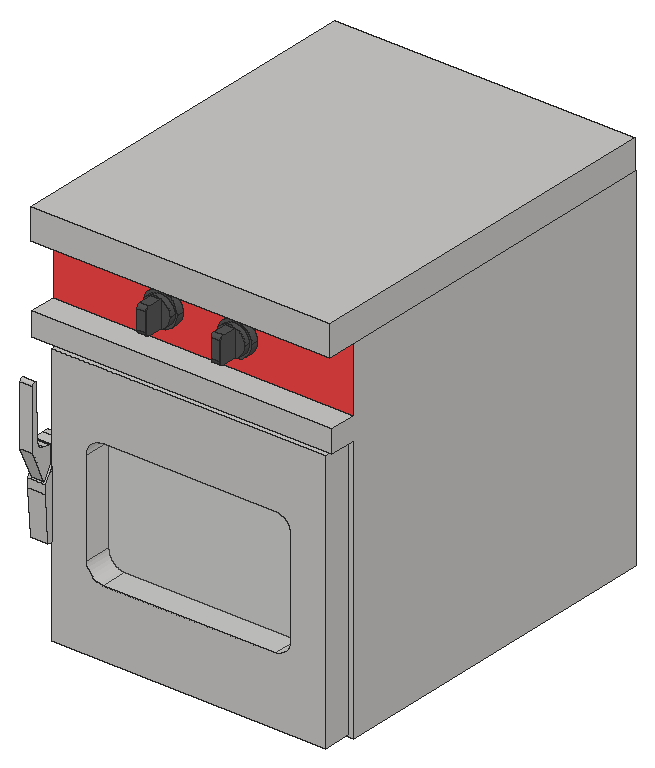
Revit family "ADB Fours 505CT", category Equipement spécialisé, Revit 2022
Family settings
  Cote de connecteur circulaire = Utiliser le diamètre
  Type d'élément = Normal
  Numéro OmniClass = 23.40.40.14.17.11
  Titre OmniClass = Cookers, Ovens, Stoves
  Basée sur le plan de construction = Non
  Toujours verticalement = Oui
  Couper avec des vides une fois chargée = Non
  Conserver l'orientation des annotations = Non
  Partagée = Non
  Repère de localisation dans la pièce = Non
Parameters (values of type "CFE 505 CT")
  URL catalogue = "https://www.ambassade-de-bourgogne.com/fr/produits/fours/Resources/CFE-505-CT_CES-505.pdf"
  URL = "https://www.ambassade-de-bourgogne.com/fr/produits/fours/Resources/CFE-505-CT_CES-505.pdf"
  Type de Raccord Electrique [instance] = "Bornier 40A"  # constant formula
  Type article = ""
  Tension [instance] = 230 V  # constant formula
  Support Four SF 500 [instance] = no
  Spécification du Fabricant = ""
  Sans option [instance] = not(SF500)  # yes
  SF500 [instance] = or(Support Four SF 500, [Echelles ECH 500 + Support Four SF 500])  # no
  Remarques Electricité [instance] = "230V(MONO) commutable 400V(TRI)"  # constant formula
  Puissance électrique [instance] = 2500 W  # constant formula
  Profondeur [instance] = 684 mm  # constant formula
  Encombrement Porte standard [instance] = and(Encombrements, not(Porte inversée))  # yes
  Porte inversée [instance] = no
  Poids net à vide [instance] = 58.00 kg + if(or(Support Four SF 500, [Echelles ECH 500 + Support Four SF 500]), 10.00 kg, 0.00 kg)  # 58.00 kg
  Phase [instance] = 1  # constant formula
  Nombres de Pôles [instance] = Phase  # 1
  Modèle = "CFE 505 CT"
  Longueur [instance] = 500 mm  # constant formula
  Intensité nominale [instance] = Puissance électrique / (Tension * sqrt(Phase))  # 10.8696 A
  Ht Four = 655 mm  # constant formula
  Hauteur [instance] = if(SF500, 1538 mm, 655 mm)  # 655 mm
  Fréquence [instance] = 50 Hz  # constant formula
  Fabricant = "Société Industrielle de Lacanche"  # constant formula
  Encombrements [instance] = yes
  Encombrement Porte inversée [instance] = and(Encombrements, Porte inversée)  # no
  Elévation par défaut = 0 mm
  Echelles ECH 500 + Support Four SF 500 [instance] = no
  Décalage porte [instance] = if(Porte inversée, 10 mm, 33.5 mm)  # 33.5 mm
  Décalage poignée [instance] = if(Porte inversée, Longueur, 35.5 mm)  # 35.5 mm
  Description = "Four électrique à convection forcée 5 niveaux au pas de 60mm"
  Connecteurs [instance] = yes
  Type Comments = ""
Reference planes
  plane 1 "Centre (avant/arrière)": y = 0
  plane 2: z = 0
  plane 3 "Centre (gauche/droite)": x = 0
  plane 4: z = 655
  plane 5 "gauche": x = -250
  plane 6 "droite": x = 250
  plane 7 "avant": y = -342
  plane 8 "arrière": y = 342
  plane 9 "Bas Four": z = 0
  plane 10 "poignée": x = -214.5
  plane 11: z = 15.8
  plane 12 "Elec X": x = 100
  plane 13 "ElecZ": z = 490
Forms (mm)
  Revolve 1, solid, material "ADB_Plastic-Black", visible <- "SF500", detail levels medium+fine
    sketch origin (0, 273.5, 0) x (1, 0, 0) y (0, 0, 1)
      loop
        line (-221, 0) -> (-221, 15) -> (-226, 15) -> (-226, 11.5) -> (-228, 11.5) -> (-228, 8) -> (-229.5, 8) -> (-236.5, 2.5) -> (-236.5, 0) -> (-221, 0)
      axis (-221, 15) -> (-221, 0)
    angle from 0 to 360
  Revolve 2, solid, material "ADB_Plastic-Black", visible <- "SF500", detail levels medium+fine
    sketch origin (0, -206.5, 0) x (1, 0, 0) y (0, 0, 1)
      loop
        line (-221, 0) -> (-221, 15) -> (-226, 15) -> (-226, 11.5) -> (-228, 11.5) -> (-228, 8) -> (-229.5, 8) -> (-236.5, 2.5) -> (-236.5, 0) -> (-221, 0)
      axis (-221, 15) -> (-221, 0)
    angle from 0 to 360
  Revolve 3, solid, material "ADB_Plastic-Black", visible <- "SF500", detail levels medium+fine
    sketch origin (0, 273.5, 0) x (-1, 0, 0) y (0, 0, -1)
      loop
        line (-221, 0) -> (-236.5, 0) -> (-236.5, -2.5) -> (-229.5, -8) -> (-228, -8) -> (-228, -11.5) -> (-226, -11.5) -> (-226, -15) -> (-221, -15) -> (-221, 0)
      axis (-221, -15) -> (-221, 0)
    angle from 0 to 360
  Revolve 4, solid, material "ADB_Plastic-Black", visible <- "SF500", detail levels medium+fine
    sketch origin (0, -206.5, 0) x (-1, 0, 0) y (0, 0, -1)
      loop
        line (-221, 0) -> (-236.5, 0) -> (-236.5, -2.5) -> (-229.5, -8) -> (-228, -8) -> (-228, -11.5) -> (-226, -11.5) -> (-226, -15) -> (-221, -15) -> (-221, 0)
      axis (-221, -15) -> (-221, 0)
    angle from 0 to 360
  Extrusion 5, solid, material "ADB_Stainless Steel-Polished", visible <- "SF500", detail levels medium+fine
    sketch origin (0, 0, 0) x (1, 0, 0) y (0, 1, 0)
      loop
        line (-201, -226.5) -> (-201, -186.5) -> (-241, -186.5) -> (-241, -226.5) -> (-201, -226.5)
      loop
        line (241, -226.5) -> (241, -186.5) -> (201, -186.5) -> (201, -226.5) -> (241, -226.5)
      loop
        line (241, 253.5) -> (241, 293.5) -> (201, 293.5) -> (201, 253.5) -> (241, 253.5)
      loop
        line (-241, 253.5) -> (-201, 253.5) -> (-201, 293.5) -> (-241, 293.5) -> (-241, 253.5)
    from 15 to 897
  Extrusion 6, solid, material "ADB_Stainless Steel-Polished", visible <- "SF500", detail levels medium+fine
    sketch origin (0, 0, 0) x (1, 0, 0) y (0, 1, 0)
      loop
        line (231.055, -206.59) -> (229.749, 272.214) -> (-231.055, 273.59) -> (-229.749, -205.214) -> (231.055, -206.59)
    from 159.2 to 195.2
  Extrusion 7, solid, material "ADB_Stainless Steel-Polished", visible <- "SF500", detail levels medium+fine
    sketch origin (0, 0, 0) x (1, 0, 0) y (0, 1, 0)
      loop
        line (-231, -206.5) -> (231, -206.5) -> (231, 273.5) -> (-231, 273.5) -> (-231, -206.5)
    from 857 to 897
  Extrusion 8, solid, material "ADB_Stainless Steel-Polished", visible <- "Echelles ECH 500 + Support Four SF 500", detail levels medium+fine
    sketch origin (0, 0, 0) x (1, 0, 0) y (0, 1, 0)
      loop
        line (-201, -146.5) -> (-201, -116.5) -> (-231, -116.5) -> (-231, -118) -> (-202.5, -118) -> (-202.5, -146.5) -> (-201, -146.5)
      loop
        line (-201, 183.5) -> (-201, 213.5) -> (-202.5, 213.5) -> (-202.5, 185) -> (-231, 185) -> (-231, 183.5) -> (-201, 183.5)
      loop
        line (201, -146.5) -> (202.5, -146.5) -> (202.5, -118) -> (231, -118) -> (231, -116.5) -> (201, -116.5) -> (201, -146.5)
      loop
        line (201, 183.5) -> (231, 183.5) -> (231, 185) -> (202.5, 185) -> (202.5, 213.5) -> (201, 213.5) -> (201, 183.5)
    from 195.2 to 857
  Revolve 9, solid, material "ADB_Plastic-Black", visible <- "Sans option", detail levels medium+fine
    sketch origin (208, 0, 0) x (0, 1, 0) y (0, 0, 1)
      loop
        line (-165.85, 14.5) -> (-165.85, 10.5) -> (-168.25, 10.5) -> (-168.25, 7.25) -> (-171.5, 4) -> (-171.5, 0) -> (-156.5, 0) -> (-156.5, 15.8) -> (-160.5, 15.8) -> (-160.5, 14.5) -> (-165.85, 14.5)
      axis (-156.5, 0) -> (-156.5, 15.8)
    angle from 0 to 360
  Revolve 10, solid, material "ADB_Plastic-Black", visible <- "Sans option", detail levels medium+fine
    sketch origin (208, 380, 0) x (0, 1, 0) y (0, 0, 1)
      loop
        line (-165.85, 14.5) -> (-165.85, 10.5) -> (-168.25, 10.5) -> (-168.25, 7.25) -> (-171.5, 4) -> (-171.5, 0) -> (-156.5, 0) -> (-156.5, 15.8) -> (-160.5, 15.8) -> (-160.5, 14.5) -> (-165.85, 14.5)
      axis (-156.5, 0) -> (-156.5, 15.8)
    angle from 0 to 360
  Revolve 11, solid, material "ADB_Plastic-Black", visible <- "Sans option", detail levels medium+fine
    sketch origin (-208, 0, 0) x (0, 1, 0) y (0, 0, -1)
      loop
        line (-165.85, -14.5) -> (-160.5, -14.5) -> (-160.5, -15.8) -> (-156.5, -15.8) -> (-156.5, 0) -> (-171.5, 0) -> (-171.5, -4) -> (-168.25, -7.25) -> (-168.25, -10.5) -> (-165.85, -10.5) -> (-165.85, -14.5)
      axis (-156.5, 0) -> (-156.5, -15.8)
    angle from 0 to 360
  Revolve 12, solid, material "ADB_Plastic-Black", visible <- "Sans option", detail levels medium+fine
    sketch origin (-208, 380, 0) x (0, 1, 0) y (0, 0, -1)
      loop
        line (-165.85, -14.5) -> (-160.5, -14.5) -> (-160.5, -15.8) -> (-156.5, -15.8) -> (-156.5, 0) -> (-171.5, 0) -> (-171.5, -4) -> (-168.25, -7.25) -> (-168.25, -10.5) -> (-165.85, -10.5) -> (-165.85, -14.5)
      axis (-156.5, 0) -> (-156.5, -15.8)
    angle from 0 to 360
  Extrusion 13, solid, material "ADB_Stainless Steel-Polished", detail levels medium+fine
    sketch origin (250, 0, 0) x (0, 1, 0) y (0, 0, 1)
      loop
        line (325, 15.8) -> (325, 605.6) -> (-263, 605.6) -> (-263, 498.3) -> (-308, 498.3) -> (-308, 460.8) -> (-263, 460.8) -> (-263, 15.8) -> (325, 15.8)
    from -499 to 1
  Extrusion 14, solid, material "ADB_Stainless Steel-Polished", detail levels medium+fine
    sketch origin (250, 0, 0) x (0, 1, 0) y (0, 0, 1)
      loop
        line (-310, 655) -> (-310, 604.8) -> (325, 604.8) -> (325, 655) -> (-310, 655)
    from 0 to -500
  Extrusion 15, solid, material "ADB_Stainless Steel-Polished", detail levels fine
    sketch origin (0, 0, 0) x (0, 1, 0) y (0, 0, 1)
      loop
        line (342, 309.303) -> (325, 309.303) -> (325, 113.3) -> (342, 113.3) -> (342, 309.303)
    from -59.5 to 59.5
  Extrusion 16, solid, material "ADB_Stainless Steel-Polished", detail levels fine
    sketch origin (-250, 0, 0) x (0, 1, 0) y (0, 0, 1)
      loop
        line (342, 443.3) -> (325, 443.3) -> (325, 343.3) -> (342, 343.3) -> (342, 443.3)
    from 85.5 to 114.5
  Extrusion 17, solid, material "ADB_Stainless Steel-Polished", detail levels medium+fine
    sketch origin (0, -342, 0) x (-1, 0, 0) y (0, 0, 1)
      loop
        line (216.5, 454.146) -> (-241.5, 454.146) -> (-241.5, 17.3) -> (216.5, 17.3) -> (216.5, 454.146)
      loop
        arc (-156.018, 342.518) -> (-175.251, 334.551) -> (-183.218, 315.318) r 27.2
        line (-183.218, 315.318) -> (-183.218, 157.282)
        arc (-183.218, 157.282) -> (-175.251, 138.049) -> (-156.018, 130.082) r 27.2
        line (-156.018, 130.082) -> (131, 130.082)
        arc (131, 130.082) -> (150.246, 138.054) -> (158.218, 157.3) r 27.218
        line (158.218, 157.3) -> (158.218, 315.3)
        arc (158.218, 315.3) -> (150.246, 334.546) -> (131, 342.518) r 27.218
        line (131, 342.518) -> (-156.018, 342.518)
    from 34 to 79
  Extrusion 18, solid, material "ADB_Glass-Transparent", detail levels medium+fine
    sketch origin (0, -342, 0) x (-1, 0, 0) y (0, 0, 1)
      loop
        arc (-156, 342.518) -> (-175.246, 334.546) -> (-183.218, 315.3) r 27.218
        line (-183.218, 315.3) -> (-183.218, 157.3)
        arc (-183.218, 157.3) -> (-175.246, 138.054) -> (-156, 130.082) r 27.218
        line (-156, 130.082) -> (131, 130.082)
        arc (131, 130.082) -> (150.246, 138.054) -> (158.218, 157.3) r 27.218
        line (158.218, 157.3) -> (158.218, 315.3)
        arc (158.218, 315.3) -> (150.246, 334.546) -> (131, 342.518) r 27.218
        line (131, 342.518) -> (-156, 342.518)
    from 34 to 79
  Extrusion 19, solid, material "ADB_Stainless Steel-Polished", detail levels medium+fine
    sketch origin (-214.5, 0, 0) x (0, 0, 1) y (0, -1, 0)
      loop
        line (240.8, 320) -> (165.8, 315) -> (161.323, 288.986) -> (160.8, 279) -> (311.3, 279) -> (310.777, 288.986) -> (309.609, 306.5) -> (279.609, 306.5) -> (255.8, 320) -> (240.8, 320)
    from -2 to -32
  Extrusion 20, solid, material "ADB_Stainless Steel-Polished", detail levels medium+fine
    sketch origin (-214.5, 0, 0) x (0, 0, 1) y (0, -1, 0)
      loop
        line (323.853, 332.352) -> (414.8, 335.528)
        arc (414.8, 335.528) -> (413.705, 339.699) -> (409.8, 341.528) r 5.083
        line (409.8, 341.528) -> (309.8, 341.528) -> (258.394, 318.529) -> (279.609, 306.5) -> (308.369, 306.5) -> (309.363, 317.862)
        arc (309.363, 317.862) -> (313.607, 328.108) -> (323.853, 332.352) r 14.49
    from -6.5 to -27.5
  Extrusion 21, solid, material "ADB_Network_Electricity_Yellow", visible <- "Connecteurs", detail levels medium+fine
    sketch origin (490.887, 325, 605.6) x (0, 0, -1) y (-1, 0, 0)
      loop
        circle (115.6, 390.887) r 10
    from 0 to 10
  Extrusion 22, solid, detail levels coarse
    sketch origin (0, 0, 0) x (1, 0, 0) y (0, 1, 0)
      loop
        line (-250, 342) -> (-250, -342) -> (250, -342) -> (250, 342) -> (-250, 342)
    from 0 to 655 <- "Hauteur"
Cuts and joins
  joined: Extrusion 5, Extrusion 6, Extrusion 7
Lines and regions (mm)
  symbolic lines, style "SpecialityEquipmentHiddenLines", visible <- "Encombrement Porte standard"
    curve 1: line (241.5, -308, 0) -> (241.5, -766, 0)
    curve 4: arc (241.5, -766, 0) -> (-82.355, -631.855, 0) -> (-216.5, -308, 0) r 458
  symbolic lines, style "SpecialityEquipmentHiddenLines", visible <- "Encombrement Porte inversée"
    curve 2: line (-240, -308, 0) -> (-240, -766, 0)
    curve 3: arc (-240, -766, 0) -> (83.855, -631.855, 0) -> (218, -308, 0) r 458
Dimensions and locks
  "Hauteur": plane 4 to plane 2
  equal spacing: plane 5 "gauche", plane 3 "Centre (gauche/droite)", plane 6 "droite"
  "Longueur": plane 5 "gauche" to plane 6 "droite"
  equal spacing: plane 8 "arrière", plane 1 "Centre (avant/arrière)", plane 7 "avant"
  "Profondeur": plane 8 "arrière" to plane 7 "avant"
  "Ht Four": plane 4 to plane 9 "Bas Four"
  locked: Extrusion 13 to plane 5 "gauche" at 1
  locked: Extrusion 13 sketch curve to plane 9 "Bas Four" at 15.8
  Extrusion 15 sketch curve to Extrusion 15 sketch curve to plane 9 "Bas Four" = 196.003 mm locked, 113.3 mm locked
  plane 9 "Bas Four" to Extrusion 16 sketch curve to Extrusion 16 sketch curve = 343.3 mm locked, 100 mm locked
  "Décalage porte": Extrusion 17 sketch curve to plane 5 "gauche"
  Extrusion 17 sketch curve to Extrusion 17 sketch curve to Extrusion 17 sketch curve to Extrusion 17 sketch curve = 58.282 mm locked, 341.435 mm locked, 58.282 mm locked
  Extrusion 17 sketch curve to Extrusion 17 sketch curve to Extrusion 17 sketch curve to Extrusion 17 sketch curve to plane 9 "Bas Four" = 111.628 mm locked, 212.435 mm locked, 112.782 mm locked, 17.3 mm locked
  "Décalage poignée": plane 10 "poignée" to plane 5 "gauche"
  locked: plane 9 "Bas Four" to plane 11 at 15.8
  locked: plane 6 "droite" to plane 12 "Elec X" at 150
  locked: plane 9 "Bas Four" to plane 13 "ElecZ" at 490
  radius of Extrusion 18 sketch curve = 27.218 mm  (x4)
  radius of Extrusion 17 sketch curve = 27.2 mm  (x2)
  radius of Extrusion 17 sketch curve = 27.218 mm  (x2)
  aligned and locked: level to plane 2
  aligned and locked: Extrusion 14 to plane 5 "gauche"
  aligned and locked: Extrusion 17 to Extrusion 18 sketch curve  (x4)
  aligned and locked: plane 12 "Elec X" to Extrusion 21
  aligned and locked: plane 13 "ElecZ" to Extrusion 21 sketch curve
  aligned and locked: plane 12 "Elec X" to Extrusion 21 sketch curve
  aligned and locked: Extrusion 17 to curve 4
Automatic sketch dimensions
  Revolve 1 sketch curve to level = 0 mm  (x2)
  plane 5 "gauche" to Revolve 1 sketch curve = 13.5 mm
  Revolve 1 sketch curve to Revolve 1 sketch curve = 7 mm
  Revolve 1 sketch curve to Revolve 1 sketch curve = 1.5 mm
  Revolve 1 sketch curve to Revolve 1 sketch curve = 2 mm
  Revolve 1 sketch curve to Revolve 1 sketch curve = 5 mm
  level to Revolve 1 sketch curve = 2.5 mm
  level to Revolve 1 sketch curve = 8 mm
  Revolve 1 sketch curve to Revolve 1 sketch curve = 3.5 mm  (x2)
  Revolve 1 sketch curve to Revolve 1 sketch curve = 0 mm  (x2)
  Revolve 2 sketch curve to level = 0 mm  (x2)
  plane 5 "gauche" to Revolve 2 sketch curve = 13.5 mm
  Revolve 2 sketch curve to Revolve 2 sketch curve = 7 mm
  Revolve 2 sketch curve to Revolve 2 sketch curve = 1.5 mm
  Revolve 2 sketch curve to Revolve 2 sketch curve = 2 mm
  Revolve 2 sketch curve to Revolve 2 sketch curve = 5 mm
  level to Revolve 2 sketch curve = 2.5 mm
  level to Revolve 2 sketch curve = 8 mm
  Revolve 2 sketch curve to Revolve 2 sketch curve = 3.5 mm  (x2)
  Revolve 2 sketch curve to Revolve 2 sketch curve = 0 mm  (x2)
  Revolve 3 sketch curve to level = 0 mm  (x2)
  Revolve 3 sketch curve to plane 6 "droite" = 13.5 mm
  Revolve 3 sketch curve to Revolve 3 sketch curve = 7 mm
  Revolve 3 sketch curve to Revolve 3 sketch curve = 1.5 mm
  Revolve 3 sketch curve to Revolve 3 sketch curve = 2 mm
  Revolve 3 sketch curve to Revolve 3 sketch curve = 5 mm
  level to Revolve 3 sketch curve = 2.5 mm
  level to Revolve 3 sketch curve = 8 mm
  Revolve 3 sketch curve to Revolve 3 sketch curve = 3.5 mm  (x2)
  Revolve 3 sketch curve to Revolve 3 sketch curve = 0 mm  (x2)
  Revolve 4 sketch curve to level = 0 mm  (x2)
  Revolve 4 sketch curve to plane 6 "droite" = 13.5 mm
  Revolve 4 sketch curve to Revolve 4 sketch curve = 7 mm
  Revolve 4 sketch curve to Revolve 4 sketch curve = 1.5 mm
  Revolve 4 sketch curve to Revolve 4 sketch curve = 2 mm
  Revolve 4 sketch curve to Revolve 4 sketch curve = 5 mm
  level to Revolve 4 sketch curve = 2.5 mm
  level to Revolve 4 sketch curve = 8 mm
  Revolve 4 sketch curve to Revolve 4 sketch curve = 3.5 mm  (x2)
  Revolve 4 sketch curve to Revolve 4 sketch curve = 0 mm  (x2)
  plane 5 "gauche" to Extrusion 5 sketch curve = 9 mm  (x2)
  Extrusion 5 sketch curve to Extrusion 5 sketch curve = 40 mm  (x6)
  Extrusion 5 sketch curve to plane 6 "droite" = 49 mm  (x2)
  Extrusion 5 sketch curve to plane 6 "droite" = 9 mm  (x2)
  plane 7 "avant" to Extrusion 5 sketch curve = 115.5 mm  (x2)
  Extrusion 5 sketch curve to plane 8 "arrière" = 88.5 mm  (x2)
  plane 5 "gauche" to Extrusion 6 sketch curve = 18.945 mm
  plane 5 "gauche" to Extrusion 6 sketch curve = 20.251 mm
  Extrusion 6 sketch curve to plane 6 "droite" = 20.251 mm
  Extrusion 6 sketch curve to plane 6 "droite" = 18.945 mm
  plane 7 "avant" to Extrusion 6 sketch curve = 135.41 mm
  plane 7 "avant" to Extrusion 6 sketch curve = 136.786 mm
  Extrusion 6 sketch curve to plane 8 "arrière" = 69.786 mm
  Extrusion 6 sketch curve to plane 8 "arrière" = 68.41 mm
  plane 5 "gauche" to Extrusion 7 sketch curve = 19 mm
  Extrusion 7 sketch curve to plane 6 "droite" = 19 mm
  plane 7 "avant" to Extrusion 7 sketch curve = 135.5 mm
  Extrusion 7 sketch curve to plane 8 "arrière" = 68.5 mm
  plane 5 "gauche" to Extrusion 8 sketch curve = 19 mm  (x2)
  Extrusion 8 sketch curve to Extrusion 8 sketch curve = 28.5 mm  (x6)
  Extrusion 8 sketch curve to Extrusion 8 sketch curve = 1.5 mm  (x8)
  Extrusion 8 sketch curve to plane 6 "droite" = 49 mm  (x2)
  Extrusion 8 sketch curve to plane 6 "droite" = 19 mm  (x2)
  plane 1 "Centre (avant/arrière)" to Extrusion 8 sketch curve = 146.5 mm  (x2)
  Extrusion 8 sketch curve to plane 8 "arrière" = 158.5 mm  (x2)
  Revolve 9 sketch curve to level = 0 mm  (x2)
  plane 7 "avant" to Revolve 9 sketch curve = 170.5 mm
  Revolve 9 sketch curve to Revolve 9 sketch curve = 3.25 mm  (x3)
  Revolve 9 sketch curve to Revolve 9 sketch curve = 2.4 mm
  Revolve 9 sketch curve to Revolve 9 sketch curve = 5.35 mm
  Revolve 9 sketch curve to Revolve 9 sketch curve = 4 mm  (x2)
  level to Revolve 9 sketch curve = 4 mm
  Revolve 9 sketch curve to Revolve 9 sketch curve = 1.3 mm
  Revolve 9 sketch curve to Revolve 9 sketch curve = 0 mm  (x2)
  Revolve 10 sketch curve to level = 0 mm  (x2)
  Revolve 10 sketch curve to plane 8 "arrière" = 133.5 mm
  Revolve 10 sketch curve to Revolve 10 sketch curve = 3.25 mm  (x3)
  Revolve 10 sketch curve to Revolve 10 sketch curve = 2.4 mm
  Revolve 10 sketch curve to Revolve 10 sketch curve = 5.35 mm
  Revolve 10 sketch curve to Revolve 10 sketch curve = 4 mm  (x2)
  level to Revolve 10 sketch curve = 4 mm
  Revolve 10 sketch curve to Revolve 10 sketch curve = 1.3 mm
  Revolve 10 sketch curve to Revolve 10 sketch curve = 0 mm  (x2)
  Revolve 11 sketch curve to level = 0 mm  (x2)
  plane 7 "avant" to Revolve 11 sketch curve = 170.5 mm
  Revolve 11 sketch curve to Revolve 11 sketch curve = 3.25 mm  (x3)
  Revolve 11 sketch curve to Revolve 11 sketch curve = 2.4 mm
  Revolve 11 sketch curve to Revolve 11 sketch curve = 5.35 mm
  Revolve 11 sketch curve to Revolve 11 sketch curve = 4 mm  (x3)
  Revolve 11 sketch curve to Revolve 11 sketch curve = 1.3 mm
  Revolve 11 sketch curve to Revolve 11 sketch curve = 0 mm  (x2)
  Revolve 12 sketch curve to level = 0 mm  (x2)
  Revolve 12 sketch curve to plane 8 "arrière" = 133.5 mm
  Revolve 12 sketch curve to Revolve 12 sketch curve = 3.25 mm  (x3)
  Revolve 12 sketch curve to Revolve 12 sketch curve = 2.4 mm
  Revolve 12 sketch curve to Revolve 12 sketch curve = 5.35 mm
  Revolve 12 sketch curve to Revolve 12 sketch curve = 4 mm  (x3)
  Revolve 12 sketch curve to Revolve 12 sketch curve = 1.3 mm
  Revolve 12 sketch curve to Revolve 12 sketch curve = 0 mm  (x2)
  Extrusion 13 sketch curve to plane 8 "arrière" = 17 mm
  plane 4 to Extrusion 13 sketch curve = 49.4 mm
  plane 4 to Extrusion 14 sketch curve = 50.2 mm
  plane 7 "avant" to Extrusion 14 sketch curve = 32 mm
  Extrusion 14 sketch curve to plane 8 "arrière" = 17 mm
  plane 4 to Extrusion 14 sketch curve = 0 mm
  plane 7 "avant" to Extrusion 13 sketch curve = 34 mm
  Extrusion 13 sketch curve to Extrusion 13 sketch curve = 107.3 mm
  Extrusion 13 sketch curve to Extrusion 13 sketch curve = 45 mm
  Extrusion 13 sketch curve to Extrusion 13 sketch curve = 37.5 mm
  Extrusion 13 sketch curve to Extrusion 13 sketch curve = 0 mm
  Extrusion 15 sketch curve to plane 8 "arrière" = 0 mm
  Extrusion 15 sketch curve to Extrusion 15 sketch curve = 17 mm
  Extrusion 16 sketch curve to plane 8 "arrière" = 0 mm
  Extrusion 16 sketch curve to Extrusion 16 sketch curve = 17 mm
  plane 7 "avant" to Extrusion 20 sketch curve = 23.471 mm
  Extrusion 20 sketch curve to plane 11 = 242.594 mm
  plane 7 "avant" to Extrusion 20 sketch curve = 35.5 mm
  Extrusion 20 sketch curve to Extrusion 20 sketch curve = 21.215 mm
  Extrusion 20 sketch curve to Extrusion 20 sketch curve = 28.76 mm
  plane 7 "avant" to Extrusion 20 sketch curve = 24.138 mm
  Extrusion 20 sketch curve to Extrusion 20 sketch curve = 0.994 mm
  plane 7 "avant" to Extrusion 20 sketch curve = 0.472 mm
  Extrusion 20 sketch curve to Extrusion 20 sketch curve = 0.437 mm
  plane 7 "avant" to Extrusion 20 sketch curve = 9.648 mm
  plane 7 "avant" to Extrusion 20 sketch curve = 5.555 mm
  Extrusion 20 sketch curve to Extrusion 20 sketch curve = 85.947 mm
  Extrusion 20 sketch curve to Extrusion 20 sketch curve = 5 mm
  Extrusion 19 sketch curve to plane 11 = 145 mm
  plane 7 "avant" to Extrusion 19 sketch curve = 53.014 mm  (x2)
  Extrusion 19 sketch curve to Extrusion 19 sketch curve = 0.523 mm  (x2)
  plane 7 "avant" to Extrusion 19 sketch curve = 27 mm
  Extrusion 19 sketch curve to Extrusion 19 sketch curve = 4.477 mm
  plane 7 "avant" to Extrusion 19 sketch curve = 22 mm
  Extrusion 19 sketch curve to Extrusion 19 sketch curve = 75 mm
  Extrusion 19 sketch curve to Extrusion 19 sketch curve = 15 mm
  plane 7 "avant" to Extrusion 19 sketch curve = 35.5 mm
  Extrusion 19 sketch curve to Extrusion 19 sketch curve = 23.809 mm
  Extrusion 19 sketch curve to Extrusion 19 sketch curve = 30 mm
  Extrusion 19 sketch curve to Extrusion 19 sketch curve = 1.168 mm
  plane 7 "avant" to Extrusion 19 sketch curve = 63 mm
  Extrusion 22 sketch curve to plane 5 "gauche" = 0 mm
  Extrusion 22 sketch curve to plane 6 "droite" = 0 mm
  Extrusion 22 sketch curve to plane 7 "avant" = 0 mm
  Extrusion 22 sketch curve to plane 8 "arrière" = 0 mm
  plane 5 "gauche" to curve 2 = 10 mm
  curve 3 to curve 2 = 0 mm  (x2)
  curve 1 to plane 6 "droite" = 8.5 mm
  curve 1 to curve 4 = 0 mm  (x2)
  curve 1 to plane 7 "avant" = 424 mm
  curve 2 to plane 7 "avant" = 424 mm
  curve 3 to curve 4 = 0 mm
  radius of Extrusion 21 sketch curve = 10 mm
Nested families
  nested 1: "ECH 500" at (-201, 0, 291.5), visible <- "Echelles ECH 500 + Support Four SF 500", type "ECH 500", detail levels medium+fine
  nested 2: "ECH 500" at (201, 0, 291.5) x (-1, 0, 0) z (0, 0, 1), visible <- "Echelles ECH 500 + Support Four SF 500", type "ECH 500", detail levels medium+fine
  nested 3: "ECH 500" at (-201, 0, 356.5), visible <- "Echelles ECH 500 + Support Four SF 500", type "ECH 500", detail levels medium+fine
  nested 4: "ECH 500" at (201, 0, 356.5) x (-1, 0, 0) z (0, 0, 1), visible <- "Echelles ECH 500 + Support Four SF 500", type "ECH 500", detail levels medium+fine
  nested 5: "ECH 500" at (-201, 0, 421.5), visible <- "Echelles ECH 500 + Support Four SF 500", type "ECH 500", detail levels medium+fine
  nested 6: "ECH 500" at (201, 0, 421.5) x (-1, 0, 0) z (0, 0, 1), visible <- "Echelles ECH 500 + Support Four SF 500", type "ECH 500", detail levels medium+fine
  nested 7: "ECH 500" at (-201, 0, 486.5), visible <- "Echelles ECH 500 + Support Four SF 500", type "ECH 500", detail levels medium+fine
  nested 8: "ECH 500" at (201, 0, 486.5) x (-1, 0, 0) z (0, 0, 1), visible <- "Echelles ECH 500 + Support Four SF 500", type "ECH 500", detail levels medium+fine
  nested 9: "ECH 500" at (-201, 0, 551.5), visible <- "Echelles ECH 500 + Support Four SF 500", type "ECH 500", detail levels medium+fine
  nested 10: "ECH 500" at (201, 0, 551.5) x (-1, 0, 0) z (0, 0, 1), visible <- "Echelles ECH 500 + Support Four SF 500", type "ECH 500", detail levels medium+fine
  nested 11: "ECH 500" at (-201, 0, 616.5), visible <- "Echelles ECH 500 + Support Four SF 500", type "ECH 500", detail levels medium+fine
  nested 12: "ECH 500" at (201, 0, 616.5) x (-1, 0, 0) z (0, 0, 1), visible <- "Echelles ECH 500 + Support Four SF 500", type "ECH 500", detail levels medium+fine
  nested 13: "ECH 500" at (-201, 0, 681.5), visible <- "Echelles ECH 500 + Support Four SF 500", type "ECH 500", detail levels medium+fine
  nested 14: "ECH 500" at (201, 0, 681.5) x (-1, 0, 0) z (0, 0, 1), visible <- "Echelles ECH 500 + Support Four SF 500", type "ECH 500", detail levels medium+fine
  nested 15: "ECH 500" at (-201, 0, 746.5), visible <- "Echelles ECH 500 + Support Four SF 500", type "ECH 500", detail levels medium+fine
  nested 16: "ECH 500" at (201, 0, 746.5) x (-1, 0, 0) z (0, 0, 1), visible <- "Echelles ECH 500 + Support Four SF 500", type "ECH 500", detail levels medium+fine
  nested 17: "Bouton" at (-62, -263, 552.05) x (1, 0, 0) z (0, -1, 0), type "Bouton", detail levels fine
  nested 18: "Bouton" at (62, -263, 552.05) x (-1, 0, 0) z (0, -1, 0), type "Bouton", detail levels fine
Connectors
  electrical at (100, 325, 490), driven by "Nombres de Pôles", driven by "Tension", driven by "Puissance électrique"
    settings: on Extrusion 21, index 1, voltage 230 V, apparent load 2500 VA, apparent load phase1 0 VA, apparent load phase2 0 VA, apparent load phase3 0 VA, power factor 1, load classification "Autre", number of poles 1, system type 30, power factor state 1, is connector primary yes, connector utility no, sub classification motor no, connector description ""
Definition of nested family "ECH 500"
  Parameters
    Default Elevation = 0 mm
  Reference planes
    plane 1 "Centre (avant/arrière)": y = 0
    plane 2: z = 0
    plane 3 "Centre (gauche/droite)": x = 0
  Forms (mm)
    Extrusion 1, solid
      sketch origin (201, 0.194, -291.5) x (1, 0, 0) y (0, 0, 1)
        loop
          line (-201, 311.5) -> (-201, 296.014)
          arc (-201, 296.014) -> (-199.678, 292.822) -> (-196.486, 291.5) r 4.514
          line (-196.486, 291.5) -> (-187, 291.5) -> (-187, 292.5) -> (-196.5, 292.5)
          arc (-196.5, 292.5) -> (-198.975, 293.525) -> (-200, 296) r 3.5
          line (-200, 296) -> (-200, 310.5) -> (-193, 310.5) -> (-193, 311.5) -> (-201, 311.5)
      from -208.5 to 141.5
    Extrusion 2, void
      sketch origin (1, 0.194, 20) x (0, 1, 0) y (1, 0, 0)
        loop
          line (-111.5, 0) -> (-111.5, 7) -> (-141.5, 7) -> (-141.5, 0) -> (-111.5, 0)
        loop
          line (178.5, 0) -> (208.5, 0) -> (208.5, 7) -> (178.5, 7) -> (178.5, 0)
      from 0 to 1
  Cuts and joins
    Extrusion 2 cuts Extrusion 1
  Dimensions and locks
    aligned and locked: level to plane 2
Definition of nested family "Bouton"
  Parameters (values of type "Bouton")
    Matériau base bouton = none
    Default Elevation = 1219.2 mm
  Reference planes
    plane 1 "Centre (avant/arrière)": y = 0
    plane 2: z = 0
    plane 3 "Centre (gauche/droite)": x = 0
  Forms (mm)
    Extrusion 1, solid
      sketch origin (0, 0, 0) x (1, 0, 0) y (0, 1, 0)
        loop
          line (-1219.2, 1219.2) -> (-1219.2, -1219.2) -> (1219.2, -1219.2) -> (1219.2, 1219.2) -> (-1219.2, 1219.2)
      from 0 to -304.8
    Extrusion 2, solid, material <- "Matériau base bouton", detail levels fine
      sketch origin (0, 0, 0) x (1, 0, 0) y (0, 1, 0)
        loop
          circle (0, 0) r 28.5
      from 0 to 11.5
    Extrusion 3, solid, detail levels fine
      sketch origin (0, 0, 0) x (1, 0, 0) y (0, 1, 0)
        loop
          circle (0, 0) r 24.1
      from 11.5 to 20.5
    Extrusion 4, solid, detail levels fine
      sketch origin (0, 0, 0) x (1, 0, 0) y (0, 0, 1)
        loop
          line (-8.082, 20.5) -> (8.082, 20.5) -> (7.58, 49.253)
          arc (7.58, 49.253) -> (6.684, 51.34) -> (4.581, 52.2) r 3
          line (4.581, 52.2) -> (-4.581, 52.2)
          arc (-4.581, 52.2) -> (-6.684, 51.34) -> (-7.58, 49.253) r 3
          line (-7.58, 49.253) -> (-8.082, 20.5)
      from -22.082 to 22.162
    Extrusion 5, void
      sketch origin (0, 0, 0) x (0, 1, 0) y (0, 0, 1)
        loop
          line (-15.762, 50.701) -> (15.682, 50.701)
          arc (15.682, 50.701) -> (20.208, 48.826) -> (22.082, 44.301) r 6.4
          line (22.082, 44.301) -> (22.082, 41.701) -> (24.232, 41.701) -> (24.232, 54.688) -> (-24.768, 54.688) -> (-24.768, 41.701) -> (-22.162, 41.701) -> (-22.162, 44.301)
          arc (-22.162, 44.301) -> (-20.287, 48.826) -> (-15.762, 50.701) r 6.4
      from -15.908 to 13.709
  Cuts and joins
    Extrusion 5 cuts Extrusion 4
  Lines and regions (mm)
    symbolic lines, detail levels fine
      curve 1: line (0, -28.5, 0) -> (0, 28.5, 0)
  Dimensions and locks
    aligned and locked: plane 2 to Extrusion 1
    aligned and locked: level to Extrusion 1
